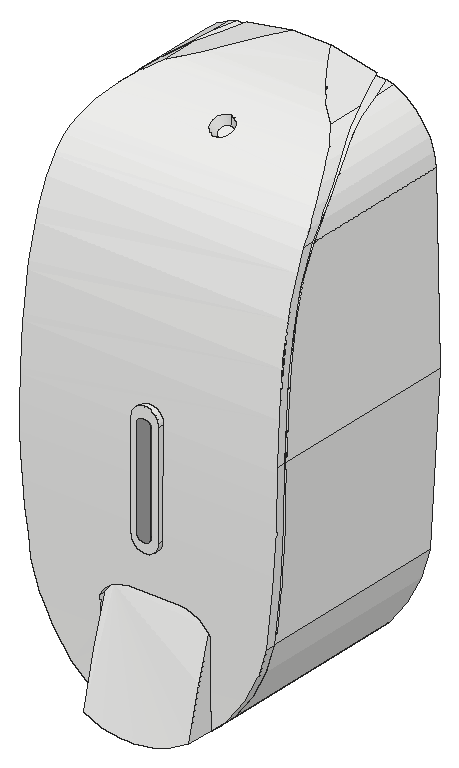
Revit family "DSDR0053_REVIT", category Generic Models, Revit 2017
Family settings
  Can host rebar = No
  Round Connector Dimension = Use Diameter
  Part Type = Normal
  Work Plane-Based = Yes
  Always vertical = No
  Cut with Voids When Loaded = Yes
  Shared = No
  Room Calculation Point = No
Parameters
  ss = 119 mm
  Website = "https://dolphy.in/"  # constant formula
  Model = "DSDR0053"  # constant formula
  Default Elevation = 1219.2 mm
  Contact number = "+91 9520202035"  # constant formula
  Contact email = "info@dolphy.in"  # constant formula
  Company name = "Dolphy India"  # constant formula
Reference planes
  plane 1 "Center (Front/Back)": y = 0
  plane 2: z = 0
  plane 3 "Center (Left/Right)": x = 0
  plane 4: y = -98.598
  plane 5: y = 1.402
  plane 6: z = 230
Forms (mm)
  Extrusion 1, solid, material "Dolphy_WHITE"
    sketch origin (-62.5, 1.402, 0) x (0, 1, 0) y (0, 0, 1)
      loop
        line (-1.402, 0) -> (-1.402, 239.652)
        spline (-1.402, 239.652) -> (-34.873, 234.372) -> (-50.055, 227.814) -> (-64.577, 218.366) -> (-75.512, 204.887) -> (-82.676, 187.493) -> (-87.061, 166.75) -> (-89.564, 143.35) -> (-90.72, 118.49) -> (-90.977, 93.493) -> (-90.752, 68.597) -> (-90.34, 39.343) -> (-90.002, 0)
        line (-90.002, 0) -> (-1.402, 0)
      loop
        spline (-91, 0) -> (-91.339, 39.375) -> (-91.751, 68.657) -> (-91.976, 93.59) -> (-91.719, 118.639) -> (-90.559, 143.571) -> (-88.046, 167.07) -> (-83.626, 187.967) -> (-76.364, 205.595) -> (-65.205, 219.345) -> (-50.467, 228.939) -> (-35.126, 235.563) -> (-1.402, 240.894)
        line (-1.402, 240.894) -> (-1.402, 244.879)
        spline (-1.402, 244.879) -> (-36.025, 239.412) -> (-51.955, 232.569) -> (-67.517, 222.452) -> (-79.554, 207.673) -> (-87.21, 189.187) -> (-91.777, 167.755) -> (-94.357, 143.944) -> (-95.56, 118.815) -> (-95.852, 93.647) -> (-95.66, 68.653) -> (-95.286, 39.362) -> (-95, 0)
        line (-95, 0) -> (-91, 0)
    from 0 to 125
  Extrusion 2, void
    sketch origin (62.5, 1.402, 0) x (-1, 0, 0) y (0, 0, -1)
      loop
        line (127.5, -247.344) -> (127.5, 1.562) -> (-2.5, 1.562) -> (-2.5, -247.344) -> (127.5, -247.344)
      loop
        arc (62.499, 0) -> (42.906, -3.676) -> (26.651, -15.217) r 46.512
        arc (26.651, -15.217) -> (14.869, -32.28) -> (7.99, -51.841) r 78.134
        arc (7.99, -51.841) -> (3.794, -90.087) -> (3.218, -128.558) r 408.066
        arc (3.218, -128.558) -> (3.662, -169.934) -> (5.192, -211.285) r 1575.167
        arc (5.192, -211.285) -> (10.834, -227.731) -> (24.359, -238.658) r 31.418
        arc (24.359, -238.658) -> (43.232, -243.269) -> (62.499, -245.76) r 175.104
        arc (62.499, -245.76) -> (81.767, -243.269) -> (100.64, -238.658) r 175.104
        arc (100.64, -238.658) -> (114.164, -227.731) -> (119.807, -211.285) r 31.418
        arc (119.807, -211.285) -> (121.337, -169.934) -> (121.78, -128.558) r 1575.167
        arc (121.78, -128.558) -> (121.205, -90.087) -> (117.008, -51.841) r 408.066
        arc (117.008, -51.841) -> (110.129, -32.28) -> (98.347, -15.217) r 78.134
        arc (98.347, -15.217) -> (82.093, -3.676) -> (62.499, 0) r 46.512
    from 1.402 to 109.924
  Extrusion 3, void
    sketch origin (-62.5, 1.402, 0) x (1, 0, 0) y (0, 0, 1)
      loop
        line (40, 47.541) -> (40, 0) -> (91.116, 0) -> (91.116, 47.535)
        arc (91.116, 47.535) -> (85.996, 53.302) -> (78.826, 56.144) r 16.653
        line (78.826, 56.144) -> (52.287, 56.144)
        arc (52.287, 56.144) -> (45.12, 53.304) -> (40, 47.541) r 16.653
    from 92.004 to 107.024
  Extrusion 4, solid, material "Dolphy_WHITE"
    sketch origin (-62.5, 8.433, -2.813) x (0, 1, 0) y (0, 0, 1)
      loop
        spline (-99.036, 57.665) -> (-100.619, 53.441) -> (-102.149, 49.153) -> (-103.626, 44.803) -> (-105.051, 40.389) -> (-106.423, 35.913) -> (-107.742, 31.373) -> (-109.008, 26.771) -> (-110.222, 22.105) -> (-111.382, 17.377) -> (-112.49, 12.585) -> (-113.545, 7.73) -> (-114.547, 2.813)
        line (-114.547, 2.813) -> (-99.036, 2.812) -> (-99.036, 57.665)
    from 41.561 to 89.384
  Revolve 5, void
    sketch origin (0.89, -6.325, -1.562) x (0, 0.999391, -0.034899) y (0, 0.034899, 0.999391)
      loop
        line (-54.279, 231.661) -> (-59.216, 229.359) -> (-54.648, 225.858) -> (-51.88, 227.149) -> (-54.279, 231.661)
      axis (-54.413, 231.913) -> (-51.88, 227.149)
    angle from 0 to 360
  Extrusion 6, solid, material "Dolphy_WHITE"
    sketch origin (0, 0, 89.375) x (1, 0, 0) y (0, 0, 1)
      loop
        line (-6.509, 38.385) -> (-6.509, -9.464)
        arc (-6.509, -9.464) -> (-0.001, -15.972) -> (6.507, -9.464) r 6.508
        line (6.507, -9.464) -> (6.507, 38.385)
        arc (6.507, 38.385) -> (-0.001, 44.893) -> (-6.509, 38.385) r 6.508
    from 90.603 to 96.18
  Extrusion 7, solid, material "Glass"
    sketch origin (0, 0, 90) x (1, 0, 0) y (0, 0, 1)
      loop
        arc (-1.844, 38.941) -> (-2.938, 37.961) -> (-3.344, 36.55) r 2.655
        line (-3.344, 36.55) -> (-3.344, -8.879)
        arc (-3.344, -8.879) -> (-2.938, -10.291) -> (-1.844, -11.27) r 2.655
        arc (-1.844, -11.27) -> (-0.054, -11.68) -> (1.736, -11.271) r 4.12
        arc (1.736, -11.271) -> (2.832, -10.291) -> (3.239, -8.879) r 2.656
        line (3.239, -8.879) -> (3.239, 36.549)
        arc (3.239, 36.549) -> (2.832, 37.962) -> (1.736, 38.941) r 2.656
        arc (1.736, 38.941) -> (-0.054, 39.35) -> (-1.844, 38.941) r 4.12
    from 93.887 to 96.766
Cuts and joins
  Extrusion 2, Extrusion 3, Revolve 5 cuts Extrusion 1
  Extrusion 2 cuts Extrusion 4
  joined: Extrusion 1, Extrusion 4
Dimensions and locks
  aligned and locked: level to plane 2
